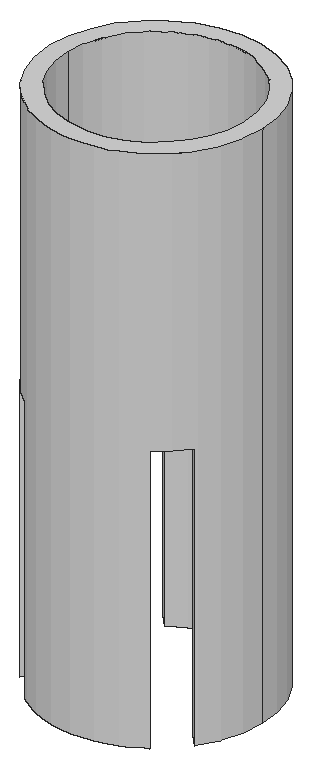
Revit family "QSS+_Забивной анкер латунный (цанга)", category Обобщенные модели, Revit 2019
Family settings
  Может служить основой для арматурных стержней = Нет
  Размер круглого соединителя = Использовать диаметр
  Тип детали = Нормальный
  На основе рабочей плоскости = Нет
  Всегда вертикально = Нет
  При загрузке вырезать с полостями = Нет
  Общий = Да
  Точка расчета площади = Нет
Parameters (values of type "QSS")
  Поиск в таблице имен = "QSS_Забивной анкер латунный (цанга)"
  Материал_Корпус = Металл
  d [instance] = size_lookup(Поиск в таблице имен, "d", DN + 2 mm, DN)  # 12 mm
  L2 [instance] = L / 2  # 15 mm
  L [instance] = size_lookup(Поиск в таблице имен, "L", 30 mm, DN)  # 30 mm
  DN [instance] = 10 mm
  ADSK_Наименование [instance] = size_lookup(Поиск в таблице имен, "ADSK_Наименование", "Нет в каталоге", DN)  # "Забивной анкер М10"
  ADSK_Масса_Текст [instance] = "1,62"
  ADSK_Масса [instance] = 0
  ADSK_Марка = ""
  ADSK_Код изделия [instance] = size_lookup(Поиск в таблице имен, "ADSK_Код изделия", "Решение не найдено", DN)  # "QSS-ZA-240112"
  ADSK_Завод-изготовитель = "Agpipe"  # constant formula
  ADSK_Единица измерения = "шт."  # constant formula
Reference planes
  plane 1 "По центру (Вперед/Назад)": y = 0
  plane 2: z = 0
  plane 3 "По центру (Влево/Вправо)": x = 0
  plane 4: z = 30
  plane 5: z = 15
Forms (mm)
  Extrusion 1, solid, material "Металл" <- "Материал_Корпус"
    sketch origin (0, 0, 0) x (1, 0, 0) y (0, 1, 0)
      loop
        circle (0, 0) r 6
      loop
        circle (0, 0) r 5
    from 0 to 30
  Extrusion 2, void
    sketch origin (0, 0, 0) x (1, 0, 0) y (0, 1, 0)
      loop
        line (5.849, 7.167) -> (0.874, 2.193) -> (2.275, 0.793) -> (7.249, 5.767) -> (5.849, 7.167)
      loop
        line (-5.849, 7.167) -> (-7.249, 5.767) -> (-2.275, 0.793) -> (-0.874, 2.193) -> (-5.849, 7.167)
      loop
        line (5.849, -7.167) -> (7.249, -5.767) -> (2.275, -0.793) -> (0.874, -2.193) -> (5.849, -7.167)
      loop
        line (-5.849, -7.167) -> (-0.874, -2.193) -> (-2.275, -0.793) -> (-7.249, -5.767) -> (-5.849, -7.167)
    from 0 to 15
Cuts and joins
  Extrusion 2 cuts Extrusion 1
Dimensions and locks
  "L": plane 4 to level
  "L2": plane 5 to level
  "d": diameter of Extrusion 1 sketch curve
  "DN": diameter of Extrusion 1 sketch curve
  aligned and locked: level to plane 2
  aligned and locked: plane 4 to Extrusion 1
  aligned and locked: plane 5 to Extrusion 2
Automatic sketch dimensions
  Extrusion 2 sketch curve to plane 3 "По центру (Влево/Вправо)" = 7.249 mm  (x2)
  Extrusion 2 sketch curve to Extrusion 2 sketch curve = 1.4 mm  (x5)
  plane 1 "По центру (Вперед/Назад)" to Extrusion 2 sketch curve = 0.793 mm  (x2)
  Extrusion 2 sketch curve to plane 3 "По центру (Влево/Вправо)" = 2.275 mm
  Extrusion 2 sketch curve to plane 1 "По центру (Вперед/Назад)" = 0.793 mm  (x2)
  Extrusion 2 sketch curve to Extrusion 2 sketch curve = 0 mm  (x4)
  plane 3 "По центру (Влево/Вправо)" to Extrusion 2 sketch curve = 0.874 mm  (x2)
  plane 3 "По центру (Влево/Вправо)" to Extrusion 2 sketch curve = 5.849 mm  (x2)
  Extrusion 1 sketch curve to Extrusion 1 sketch curve = 0 mm  (x2)
  plane 1 "По центру (Вперед/Назад)" to Extrusion 1 sketch curve = 0 mm
  Extrusion 1 sketch curve to plane 3 "По центру (Влево/Вправо)" = 0 mm
